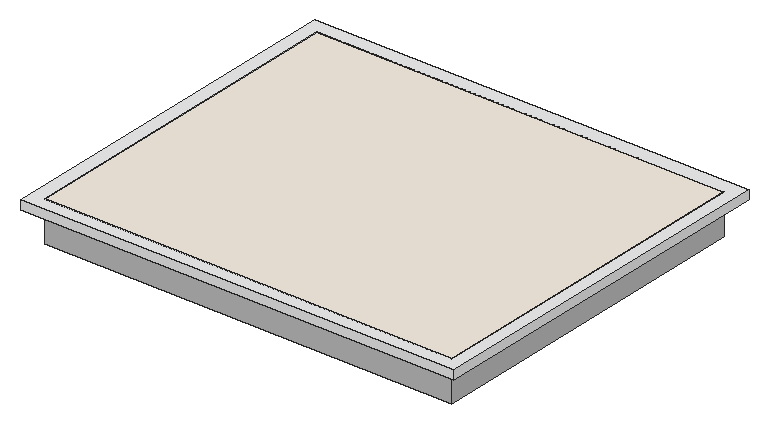
Revit family "Lighting-Industriale-GEWISS-ELIA-HL-LED_RIFLETTORE", category Apparecchi per illuminazione, host Superficie, Revit 2019 (continued)
Parameters (values of type "GWF1001QM840 - ELIA HL L2 120° 4000K S.ALONE DALI")
    8 865.90 807.52 752.36 700.42 650.72 \r\n602.14 555.10 510.16 466.76 424.62 384.72 348.46 314.02 \r\n280.17 248.14 219.58 193.05 167.38 143.43 121.87 102.05 \r\n83.24 66.28 51.70 39.35 29.28 21.38 15.68 11.84 9.49 8.77 \r\n8142.40 8142.40 8142.40 8145.20 8145.20 8148.00 8149.40 \r\n8152.20 8155.00 8159.20 8163.40 8167.60 8173.20 8180.20 \r\n8185.80 8192.80 8199.80 8208.20 8216.60 8225.00 8234.80 \r\n8243.20 8251.60 8260.00 8269.80 8278.20 8286.60 8295.00 \r\n8303.40 8311.80 8318.80 8327.20 8335.60 8344.00 8352.40 \r\n8362.20 8370.60 8380.40 8390.20 8400.00 8411.20 8421.00 \r\n8432.20 8444.80 8457.40 8468.60 8482.60 8496.60 8510.60 \r\n8524.60 8538.60 8552.60 8566.60 8577.80 8589.00 8601.60 \r\n8612.80 8621.20 8629.60 8638.00 8646.40 8652.00 8656.20 \r\n8661.80 8664.60 8666.00 8667.40 8667.40 8666.00 8663.20 \r\n8660.40 8654.80 8646.40 8636.60 8626.80 8615.60 8601.60 \r\n8586.20 8569.40 8549.80 8528.80 8506.40 8482.60 8457.40 \r\n8429.40 8398.60 8367.80 8334.20 8300.60 8264.20 8223.60 \r\n8181.60 8135.40 8078.00 8013.60 7938.00 7854.00 7758.80 \r\n7655.20 7541.80 7424.20 7308.00 7189.00 7067.20 6937.00 \r\n6794.20 6641.60 6483.40 6316.80 6144.60 5966.80 5783.40 \r\n5597.20 5416.60 5240.20 5068.00 4900.00 4733.40 4569.60 \r\n4407.20 4246.20 4089.40 3936.80 3782.80 3634.40 3488.80 \r\n3346.00 3204.60 3067.40 2934.40 2807.00 2677.22 2550.52 \r\n2427.46 2308.32 2193.80 2082.22 1970.64 1862.00 1759.52 \r\n1660.12 1561.56 1465.80 1375.08 1288.70 1207.78 1131.34 \r\n1058.96 990.36 925.40 863.80 805.70 750.68 698.74 649.04 \r\n600.74 553.98 509.18 465.92 423.64 383.60 347.62 313.46 \r\n279.38 247.21 218.61 192.11 166.57 142.79 121.34 101.61 \r\n82.92 66.05 51.58 39.30 29.29 21.41 15.67 11.79 9.45 8.76 \r\n8142.40 8142.40 8142.40 8145.20 8145.20 8148.00 8149.40 \r\n8152.20 8155.00 8159.20 8163.40 8167.60 8173.20 8178.80 \r\n8187.20 8192.80 8201.20 8208.20 8216.60 8226.40 8234.80 \r\n8243.20 8251.60 8260.00 8269.80 8278.20 8286.60 8295.00 \r\n8303.40 8311.80 8320.20 8327.20 8335.60 8344.00 8352.40 \r\n8360.80 8370.60 8379.00 8390.20 8400.00 8411.20 8421.00 \r\n8432.20 8444.80 8456.00 8470.00 8481.20 8496.60 8510.60 \r\n8524.60 8540.00 8554.00 8566.60 8579.20 8590.40 8603.00 \r\n8612.80 8622.60 8631.00 8638.00 8646.40 8652.00 8656.20 \r\n8661.80 8664.60 8666.00 8668.80 8667.40 8666.00 8663.20 \r\n8659.00 8653.40 8646.40 8636.60 8625.40 8614.20 8600.20 \r\n8584.80 8568.00 8548.40 8528.80 8505.00 8482.60 8454.60 \r\n8426.60 8398.60 8367.80 8334.20 8299.20 8264.20 8225.00 \r\n8183.00 8135.40 8078.00 8013.60 7939.40 7858.20 7761.60 \r\n7658.00 7541.80 7424.20 7306.60 7189.00 7067.20 6937.00 \r\n6794.20 6640.20 6482.00 6315.40 6146.00 5969.60 5784.80 \r\n5600.00 5418.00 5241.60 5068.00 4900.00 4734.80 4571.00 \r\n4407.20 4246.20 4090.80 3936.80 3785.60 3635.80 3490.20 \r\n3347.40 3204.60 3066.00 2935.80 2807.00 2678.06 2550.24 \r\n2425.50 2304.68 2189.60 2078.02 1966.58 1858.50 1756.02 \r\n1656.76 1558.34 1462.86 1371.86 1285.62 1204.84 1128.68 \r\n1056.44 987.98 923.02 861.70 803.88 749.14 697.34 647.50 \r\n599.34 552.86 508.20 465.08 422.66 382.76 346.78 312.90 \r\n278.68 246.34 217.67 191.20 165.79 142.17 120.83 101.21 \r\n82.63 65.83 51.44 39.23 29.29 21.44 15.66 11.74 9.40 8.74 \r\n8142.40 8142.40 8142.40 8145.20 8145.20 8148.00 8149.40 \r\n8152.20 8155.00 8159.20 8162.00 8167.60 8173.20 8178.80 \r\n8187.20 8192.80 8201.20 8209.60 8218.00 8226.40 8234.80 \r\n8243.20 8251.60 8261.40 8271.20 8279.60 8288.00 8296.40 \r\n8303.40 8311.80 8320.20 8327.20 8335.60 8344.00 8352.40 \r\n8360.80 8370.60 8379.00 8390.20 8400.00 8409.80 8421.00 \r\n8432.20 8443.40 8456.00 8468.60 8482.60 8496.60 8510.60 \r\n8526.00 8540.00 8554.00 8568.00 8579.20 8591.80 8603.00 \r\n8614.20 8622.60 8631.00 8639.40 8645.00 8653.40 8657.60 \r\n8661.80 8664.60 8666.00 8668.80 8667.40 8666.00 8663.20 \r\n8657.60 8652.00 8646.40 8636.60 8625.40 8611.40 8598.80 \r\n8583.40 8566.60 8548.40 8527.40 8505.00 8481.20 8454.60 \r\n8426.60 8397.20 8365.00 8332.80 8299.20 8262.80 8225.00 \r\n8184.40 8136.80 8079.40 8013.60 7940.80 7859.60 7763.00 \r\n7658.00 7543.20 7424.20 7308.00 7189.00 7065.80 6935.60 \r\n6791.40 6640.20 6479.20 6315.40 6146.00 5969.60 5787.60 \r\n5601.40 5419.40 5240.20 5069.40 4901.40 4734.80 4571.00 \r\n4407.20 4247.60 4092.20 3938.20 3787.00 3635.80 3490.20 \r\n3347.40 3204.60 3066.00 2937.20 2808.40 2678.62 2549.96 \r\n2423.68 2301.46 2185.96 2073.96 1963.08 1855.42 1752.94 \r\n1653.82 1555.54 1460.20 1369.06 1282.68 1202.18 1126.30 \r\n1054.20 985.88 921.06 859.88 802.34 747.74 695.80 646.24 \r\n598.08 551.88 507.36 464.38 421.96 381.78 346.08 312.34 \r\n278.05 245.55 216.83 190.37 165.09 141.61 120.37 100.84 \r\n82.35 65.65 51.32 39.17 29.27 21.46 15.65 11.69 9.36 8.73 \r\n8142.40 8142.40 8142.40 8145.20 8145.20 8148.00 8148.00 \r\n8150.80 8155.00 8159.20 8162.00 8167.60 8173.20 8178.80 \r\n8187.20 8192.80 8201.20 8209.60 8218.00 8226.40 8234.80 \r\n8243.20 8251.60 8262.80 8271.20 8279.60 8288.00 8296.40 \r\n8304.80 8311.80 8318.80 8327.20 8335.60 8344.00 8352.40 \r\n8360.80 8369.20 8380.40 8390.20 8400.00 8409.80 8421.00 \r\n8432.20 8443.40 8456.00 8468.60 8482.60 8496.60 8512.00 \r\n8526.00 8540.00 8554.00 8568.00 8579.20 8591.80 8603.00 \r\n8614.20 8622.60 8631.00 8639.40 8646.40 8652.00 8657.60 \r\n8661.80 8666.00 8666.00 8668.80 8667.40 8666.00 8663.20 \r\n8657.60 8652.00 8645.00 8635.20 8624.00 8611.40 8597.40 \r\n8583.40 8566.60 8547.00 8526.00 8505.00 8481.20 8454.60 \r\n8426.60 8395.80 8365.00 8332.80 8297.80 8262.80 8226.40 \r\n8184.40 8136.80 8079.40 8015.00 7942.20 7861.00 7764.40 \r\n7660.80 7544.60 7425.60 7308.00 7187.60 7065.80 6934.20 \r\n6790.00 6637.40 6477.80 6314.00 6146.00 5972.40 5787.60 \r\n5602.80 5419.40 5240.20 5069.40 4901.40 4736.20 4571.00 \r\n4408.60 4249.00 4092.20 3939.60 3788.40 3637.20 3491.60 \r\n3348.80 3206.00 3066.00 2937.20 2809.80 2679.18 2549.82 \r\n2422.14 2298.52 2182.60 2070.74 1960.00 1852.62 1750.42 \r\n1651.30 1553.16 1457.82 1366.68 1280.30 1199.94 1124.20 \r\n1052.10 983.92 919.38 858.34 800.94 746.48 694.68 644.98 \r\n597.10 550.90 506.66 463.82 421.26 381.08 345.52 311.92 \r\n277.51 244.87 216.12 189.67 164.50 141.13 119.98 100.52 \r\n82.11 65.49 51.20 39.10 29.26 21.48 15.64 11.64 9.32 8.71 \r\n8142.40 8142.40 8142.40 8145.20 8145.20 8148.00 8148.00 \r\n8150.80 8156.40 8159.20 8162.00 8167.60 8173.20 8178.80 \r\n8187.20 8192.80 8201.20 8209.60 8218.00 8226.40 8234.80 \r\n8243.20 8251.60 8262.80 8271.20 8279.60 8288.00 8296.40 \r\n8304.80 8313.20 8318.80 8327.20 8335.60 8344.00 8352.40 \r\n8360.80 8369.20 8380.40 8388.80 8400.00 8411.20 8419.60 \r\n8430.80 8444.80 8456.00 8470.00 8484.00 8498.00 8512.00 \r\n8526.00 8540.00 8554.00 8568.00 8579.20 8593.20 8604.40 \r\n8612.80 8624.00 8632.40 8638.00 8646.40 8652.00 8657.60 \r\n8663.20 8666.00 8666.00 8668.80 8666.00 8666.00 8663.20 \r\n8657.60 8652.00 8643.60 8635.20 8624.00 8610.00 8596.00 \r\n8582.00 8565.20 8545.60 8526.00 8503.60 8481.20 8453.20 \r\n8425.20 8394.40 8363.60 8330.00 8296.40 8262.80 8226.40 \r\n8184.40 8136.80 8080.80 8016.40 7943.60 7859.60 7767.20 \r\n7660.80 7546.00 7425.60 7308.00 7187.60 7064.40 6935.60 \r\n6790.00 6636.00 6476.40 6314.00 6146.00 5972.40 5790.40 \r\n5602.80 5420.80 5241.60 5070.80 4902.80 4734.80 4572.40 \r\n4410.00 4247.60 4093.60 3939.60 3788.40 3640.00 3491.60 \r\n3348.80 3206.00 3066.00 2937.20 2811.20 2679.60 2549.40 \r\n2420.88 2296.28 2179.80 2068.08 1957.48 1850.52 1748.60 \r\n1649.48 1551.20 1456.28 1365.00 1278.48 1198.12 1122.80 \r\n1050.56 982.52 918.12 857.08 799.96 745.64 693.84 644.00 \r\n596.40 550.20 506.24 463.40 420.84 380.52 344.96 311.64 \r\n277.09 244.36 215.54 189.11 164.02 140.76 119.67 100.27 \r\n81.93 65.35 51.13 39.06 29.23 21.48 15.63 11.61 9.28 8.71 \r\n"
  built-in parameter 1150137 = (empty or 0)
  built-in parameter 1150132 = (empty or 0)
  Lumen output (lm) = "28000"
  Lampada: = "LED"
  LUNGHEZZA FORO = 968.572 mm
  LED Life time (L80B50) = "L80 B50 (Tq25°) = 50.000h"
  LARGHEZZA_FORO = 820.364 mm
  built-in parameter 1150105 = 109.82 (stored number, unit not read)
  built-in parameter 1150102 = (empty or 0)
  Installazione = "Sospensione"
  built-in parameter 1150106 = 1.0982 (stored number, unit not read)
  Default Elevation = 1219.2 mm
  Produttore = "GEWISS S.p.A."
  Nome quadro [instance] = "330W"
  Modello = "GWF1001QM840"
  L_lampada = 1500 mm
  Immagine tipo = ELIA_HL.jpg
  IDT = "cac31452-bafc-4473-b367-6af6b8d20e56"
  IDF = "438ffe93-dc2d-4416-a1d6-8b74fa3f2084"
  Grado di protezione = "IP65"
  Garanzia = "5 anni"
  Flusso luminoso in emergenza (lm) = ""
  Lumens = 1380 lm
  Color Filter = 16777215
  File diagramma fotometrico = "GWF1001QM840.IES"
  built-in parameter 1114217 = 1 (stored number, unit not read)
  built-in parameter 1150139 = (empty or 0)
  FORO_CONTROSOFFITTO = 80 mm  # constant formula
  Emit from Line Length = 609.6 mm
  built-in parameter 1150104 = 13.8 (stored number, unit not read)
  Distanza dal host [instance] = 0 mm
  built-in parameter 1150115 = 1 (stored number, unit not read)
  built-in parameter 1150114 = 1 (stored number, unit not read)
  built-in parameter 1150113 = 1 (stored number, unit not read)
  Dimensioni (mm) = "Standard"
  Description = "ELIA HL L2 120° 4000K S.ALONE DALI"
  Creato da GEWISS S.p.A. = ""
  built-in parameter 1150134 = 12
  built-in parameter 1150138 = (empty or 0)
  Colore = "Nero"
  Codice Electrocod = ""
  Codice EAN = ""
  Classe isolamento = "I"
  Classe di efficienza LED integrati = ""
  Catalogo Serie = "ELIA HL"
  Catalogo = "LIGHTING"
  COBie.Tagnumber = ""
  COBie.CreatedOn = ""
  COBie.CreatebBy = ""
  COBie.ComponentRegisterItemID = ""
  COBie.Component.TagNumber = ""
  COBie.Component.Space = ""
  COBie.Component.SerialNumber = ""
  COBie.Component.InstallationDate = ""
  COBie.Component.Description = ""
  COBie.Component.BarCode = ""
  BORDO = BORDO
  Applicazione = "Interno / Esterno"
  Tilt Angle = -90.00°
  built-in parameter 1150133 = 10 (stored number, unit not read)
  Spostamento_y_effettivo_ET = 3500 mm
Reference planes
  plane 1 "Centro (Fronte/Retro)": y = 0
  plane 2: z = 0
  plane 3 "Centro (Sinistra/Destra)": x = 0
  plane 4: x = -3990
  plane 5: x = 10
  plane 6: x = 10
  plane 7: z = 1200
  plane 8: y = -4000
  plane 9: y = 0
  plane 10: x = -484.286
  plane 11: y = -410.182
  plane 12: x = 484.286
  plane 13: y = 410.182
  plane 14: z = -80
  plane 15: through (484.286, -410.182, 1219.2) normal (-0.5299, -0.848, 0)
  plane 16: through (-523.043, -410.182, 1219.2) normal (-0.866, 0.5, 0)
  plane 17: through (-493.043, 567.147, 1219.2) normal (0.309, 0.9511, 0)
  plane 18: through (454.286, 567.147, 1219.2) normal (0.9848, -0.1736, 0)
  plane 19: y = -247.252
  plane 20: y = -305.509
  plane 21: y = -363.766
  plane 22: y = -500
  plane 23: x = -245.872
Forms (mm)
  Extrusion 1, void
    sketch origin (0, 0, 0) x (1, 0, 0) y (0, 1, 0)
      loop
        line (-484.286, 410.182) -> (-484.286, -410.182) -> (484.286, -410.182) -> (484.286, 410.182) -> (-484.286, 410.182)
    from -80 to 0
Lines and regions (mm)
  symbolic lines, visible <- "Visibilità lampada in pianta"
    curve 1: line (-484.286, 410.182, 0) -> (484.286, 410.182, 0)
    curve 2: line (-484.286, -410.182, 0) -> (-484.286, 410.182, 0)
    curve 3: line (484.286, -410.182, 0) -> (-484.286, -410.182, 0)
    curve 4: line (484.286, 410.182, 0) -> (484.286, -410.182, 0)
    curve 5: line (-454.286, 380.182, 0) -> (454.286, 380.182, 0)
    curve 6: line (-454.286, -380.182, 0) -> (-454.286, 380.182, 0)
    curve 7: line (454.286, -380.182, 0) -> (-454.286, -380.182, 0)
    curve 8: line (454.286, 380.182, 0) -> (454.286, -380.182, 0)
  symbolic lines, visible <- "Visibilità lampada in pianta", not visible
    curve 9: line (-484.286, 410.182, 0) -> (484.286, 410.182, 0)
    curve 10: line (-484.286, -410.182, 0) -> (-484.286, 410.182, 0)
    curve 11: line (484.286, -410.182, 0) -> (-484.286, -410.182, 0)
    curve 12: line (484.286, 410.182, 0) -> (484.286, -410.182, 0)
    curve 13: line (-454.286, 380.182, 0) -> (454.286, 380.182, 0)
    curve 14: line (-454.286, -380.182, 0) -> (-454.286, 380.182, 0)
    curve 15: line (454.286, -380.182, 0) -> (-454.286, -380.182, 0)
    curve 16: line (454.286, 380.182, 0) -> (454.286, -380.182, 0)
Text (mm)
  text "N=C*V" at (704.329, 1512.981, 0), in view "Livello rif."
Dimensions and locks
  plane 4 to plane 3 "Centro (Sinistra/Destra)" = 3990 mm  (x2)
  "Spostamento_x_effettivo": plane 4 to plane 5
  "Spostamento_x_effettivo": plane 6 to plane 4
  plane 7 to plane 2 = 1200 mm
  "Spostamento_y_effettivo": plane 9 to plane 8
  plane 1 "Centro (Fronte/Retro)" to plane 8 = 4000 mm
  equal spacing: plane 10, plane 3 "Centro (Sinistra/Destra)", plane 12
  equal spacing: plane 13, plane 1 "Centro (Fronte/Retro)", plane 11
  "FORO_CONTROSOFFITTO": level to plane 14
  "LUNGHEZZA FORO": plane 10 to plane 12
  "LARGHEZZA_FORO": plane 13 to plane 11
  equal spacing: plane 19, plane 20, plane 21
  plane 13 to nested 4 = 610.791 mm
  "Spostamento_y_effettivo_ET": plane 22 to plane 8
  "Spostamento_x_effettivo_ET": plane 4 to plane 23
  angle plane 15 to plane 17 = 14.00°
  angle plane 16 to plane 17 = 102.00°
  angle plane 17 to nested 3 = 18.00°
  angle plane 18 to plane 15 = 68.00°  (x2)
  aligned and locked: plane 2 to host face
  aligned and locked: level to host face
  aligned and locked: nested 2 to plane 1 "Centro (Fronte/Retro)"
  aligned and locked: Extrusion 1 sketch curve to plane 10
  aligned and locked: Extrusion 1 sketch curve to plane 13
  aligned and locked: Extrusion 1 sketch curve to plane 12
  aligned and locked: Extrusion 1 sketch curve to plane 11
  aligned and locked: level to Extrusion 1
  aligned and locked: Extrusion 1 to plane 14
  aligned and locked: plane 3 "Centro (Sinistra/Destra)" to nested 3
  aligned and locked: nested 3 to plane 1 "Centro (Fronte/Retro)"
  aligned and locked: plane 6 to nested 4
  aligned and locked: nested 4 to plane 9
  aligned and locked: nested 1 to plane 22
  aligned and locked: plane 23 to nested 1
Automatic sketch dimensions
  host sketch curve to host sketch curve = 2438.4 mm  (x2)
Nested families
  nested 1: "Etichetta light" at (-245.872, -500, 0), visible <- "Visibilità etichetta", type "Etichetta light"
  nested 2: "SIMB_2D" at (0, 0, 110.443) x (0, 0, 1) z (1, 0, 0), visible <- "Visibilità simbolo", type "SIMB_2D"
  nested 3: "Elia WL base" at (0, 0, 0) x (1, 0, 0) z (0, 0, -1), type "Elia PL base"
  nested 4: "SIMB_2D" at (10, 0, 0), visible <- "Visibilità simbolo", type "SIMB_2D"
Definition of nested family "Elia WL base"
  Parameters (values of type "Elia PL base")
    sp_bordo = 9 mm  # constant formula
    posiz_3 = 2  # constant formula
    posiz2 = 1  # constant formula
    posiz = "A=b"
    diametro lampada = 45 mm
    SCHERMO LED = none
    Default Elevation = 1219.2 mm
    Lunghezza = 968.572 mm
    Larghezza = 820.364 mm
    L_lampada = 1500 mm
    H_SCOCCA = 70.705 mm
    Corpo centrale = none
    Bordo = 30 mm
    BORDO = none
  Reference planes
    plane 1 "Centro (Fronte/Retro)": y = 0
    plane 2: z = 0
    plane 3 "Centro (Sinistra/Destra)": x = 0
    plane 4: z = 9
    plane 5: x = -484.286
    plane 6: y = -410.182
    plane 7: x = 484.286
    plane 8: y = 410.182
    plane 9: x = -454.286
    plane 10: y = 380.182
    plane 11: x = 454.286
    plane 12: y = -380.182
    plane 13: z = 90.705
    plane 14: through (-401.838, -155.306, 1200) normal (0.766, 0.6428, 0)
    plane 15: through (447.234, 447.234, 1200) normal (-0.7071, -0.7071, 0)
  Forms (mm)
    Extrusion 1, solid, material <- "BORDO"
      sketch origin (0, 0, 0) x (1, 0, 0) y (0, 1, 0)
        loop
          line (-484.286, 410.182) -> (-484.286, -410.182) -> (484.286, -410.182) -> (484.286, 410.182) -> (-484.286, 410.182)
        loop
          line (-454.286, 380.182) -> (-454.286, -380.182) -> (454.286, -380.182) -> (454.286, 380.182) -> (-454.286, 380.182)
      from 0 to 20
    Extrusion 2, solid, material <- "Corpo centrale"
      sketch origin (0, 0, 0) x (1, 0, 0) y (0, 1, 0)
        loop
          line (-454.286, 380.182) -> (-454.286, -380.182) -> (454.286, -380.182) -> (454.286, 380.182) -> (-454.286, 380.182)
      from 20 to 90.705
    Extrusion 3, solid, material <- "SCHERMO LED"
      sketch origin (0, 0, 0) x (1, 0, 0) y (0, 1, 0)
        loop
          line (-454.286, 380.182) -> (-454.286, -380.182) -> (454.286, -380.182) -> (454.286, 380.182) -> (-454.286, 380.182)
      from 0 to 9
  Text (mm)
    text "A=B*C" at (-489.712, -178.321, 0), in view "Livello rif."
    text "A=B*C" at (-129.701, -394.637, 0), in view "Livello rif."
  Dimensions and locks
    equal spacing: plane 5, plane 3 "Centro (Sinistra/Destra)", plane 7
    equal spacing: plane 8, plane 1 "Centro (Fronte/Retro)", plane 6
    "Bordo": plane 12 to plane 6
    "Bordo": plane 11 to plane 7
    "Bordo": plane 8 to plane 10
    "Bordo": plane 5 to plane 9
    "Lunghezza": plane 5 to plane 7
    "Larghezza": plane 8 to plane 6
    "sp_bordo": plane 4 to plane 2
    "H_SCOCCA": plane 13 to Extrusion 1
    plane 13 to plane 4 = 81.705 mm
    angle plane 7 to plane 15 = 45.00°
    angle plane 15 to plane 8 = 45.00°
    angle plane 14 to plane 12 = 50.00°
    angle plane 3 "Centro (Sinistra/Destra)" to plane 14 = 40.00°
    aligned and locked: level to plane 2
    aligned and locked: Extrusion 1 sketch curve to plane 8
    aligned and locked: Extrusion 1 sketch curve to plane 5
    aligned and locked: Extrusion 1 sketch curve to plane 6
    aligned and locked: Extrusion 1 sketch curve to plane 7
    aligned and locked: Extrusion 1 sketch curve to plane 10
    aligned and locked: Extrusion 1 sketch curve to plane 9
    aligned and locked: Extrusion 1 sketch curve to plane 12
    aligned and locked: Extrusion 1 sketch curve to plane 11
    aligned and locked: Extrusion 2 sketch curve to plane 9
    aligned and locked: Extrusion 2 sketch curve to plane 12
    aligned and locked: Extrusion 2 sketch curve to plane 11
    aligned and locked: Extrusion 2 sketch curve to plane 10
    aligned and locked: Extrusion 2 to plane 13
    aligned and locked: Extrusion 2 to Extrusion 1
    aligned and locked: Extrusion 3 sketch curve to plane 9
    aligned and locked: Extrusion 3 sketch curve to plane 10
    aligned and locked: Extrusion 3 sketch curve to plane 12
    aligned and locked: Extrusion 3 sketch curve to plane 11
    aligned and locked: plane 4 to Extrusion 3
Definition of nested family "Etichetta light"
  Parameters (values of type "ETICHETTA LIGHT")
    COMMENTI = "330W"
  Reference planes
    plane 1: y = 0
    plane 2: x = 0
  Text (mm)
    label "COMMENTI" at (-0.057, 0.105, 0), shows "COMMENTI"
Definition of nested family "SIMB_2D"
  Reference planes
    plane 1 "Centro (Fronte/Retro)": y = 0
    plane 2: z = 0
    plane 3 "Centro (Sinistra/Destra)": x = 0
  Lines and regions (mm)
    model lines, in view "Livello rif."
      curve 1: line (40.061, -50.885, 0) -> (-61.536, -0.304, 0)
      curve 2: line (-61.536, -0.304, 0) -> (40.061, 50.885, 0)
      curve 3: line (40.061, 50.885, 0) -> (40.061, -50.885, 0)
      curve 4: line (-61.536, 50.581, 0) -> (-61.536, -51.189, 0)
      curve 5: line (-123.556, -0.304, 0) -> (-61.536, -0.304, 0)
      curve 6: line (40.061, 0, 0) -> (106.558, 0, 0)
      curve 7: line (189.411, 200, 0) -> (189.411, -200.609, 0)
      curve 8: line (189.411, -200.609, 0) -> (-211.197, -200.609, 0)
      curve 9: line (-211.197, -200.609, 0) -> (-211.197, 200, 0)
      curve 10: line (-211.197, 200, 0) -> (189.411, 200, 0)
      curve 11: line (-161.032, -0.304, 0) -> (-161.032, 149.835, 0)
      curve 12: line (-161.032, 149.835, 0) -> (139.246, 149.835, 0)
      curve 13: line (139.246, 149.835, 0) -> (139.246, -150.444, 0)
      curve 14: line (139.246, -150.444, 0) -> (-161.032, -150.444, 0)
      curve 15: line (-161.032, -150.444, 0) -> (-161.032, -0.304, 0)
